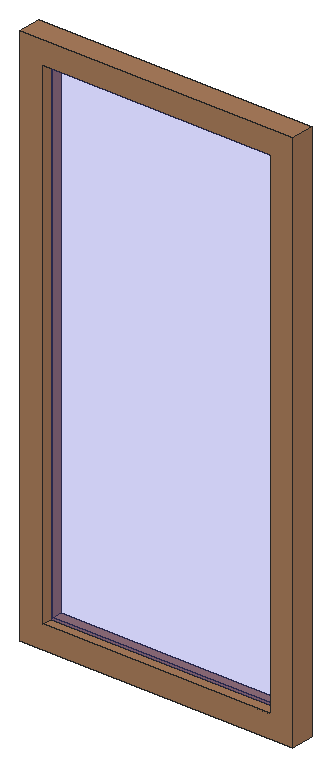
Revit family "PKNail Fixed", category Windows, host Wall, Revit 2017
Family settings
  Host = Wall
  OmniClass Number = 23.30.20.00
  OmniClass Title = Windows
  Always vertical = Yes
  Cut with Voids When Loaded = No
  Shared = No
  Room Calculation Point = No
Parameters (values of type "24" x 48"")
  PKNail Family Lateral Orientation = "None"
  PKNail Family Facing Orientation = "Facing"
  PKNail Family = "Fixed"
  Height = 4' - 0"
  Default Sill Height = 3' - 0"
  Wall Closure = By host
  Width = 2' - 0"
Reference planes (in)
  plane 1 "Center (Front/Back)": y = 0
  plane 2: z = 0
  plane 3 "Center (Left/Right)": x = 0
  plane 4 "Left": x = -12
  plane 5 "Right": x = 12
  plane 6 "Sill": z = 36
  plane 7 "Top": z = 84
  plane 8: y = 3
Forms (in)
  Extrusion 1, solid, material "Default"
    sketch origin (-60, 3, 0) x (-1, 0, 0) y (0, 0, 1)
      loop
        line (-72, 84) -> (-72, 36) -> (-48, 36) -> (-48, 84) -> (-72, 84)
      loop
        line (-70, 82) -> (-70, 38) -> (-50, 38) -> (-50, 82) -> (-70, 82)
    from 0 to -2
  Extrusion 2, void
    sketch origin (-60, 3, 0) x (1, 0, 0) y (0, 0, 1)
      loop
        line (70.5, 82.5) -> (49.5, 82.5) -> (49.5, 37.5) -> (70.5, 37.5) -> (70.5, 82.5)
    from 0.875 to 1.125
  Extrusion 3, solid, material "Glass"
    sketch origin (-60, 3, 0) x (-1, 0, 0) y (0, 0, 1)
      loop
        line (-70.5, 82.5) -> (-70.5, 37.5) -> (-49.5, 37.5) -> (-49.5, 82.5) -> (-70.5, 82.5)
    from -1.125 to -0.875
Cuts and joins
  Extrusion 2 cuts Extrusion 1
Lines and regions (in)
  Opening 1
    outline origin (-60, -3, 0) x (1, 0, 0) y (0, 0, 1)
      loop
        line (48, 84) -> (48, 36) -> (72, 36) -> (72, 84) -> (48, 84)
Text (in)
  text "EXTERIOR" at (-58.6888, 50.90694, 0), in view "Ref. Level"
  text "INTERIOR" at (-58.6888, -37.76638, 0), in view "Ref. Level"
  text "Exterior" at (0, 43.65631, 123.19604), in view "Left"
  text "Exterior" at (0, 18.29385, 125.04747), in view "Right"
Dimensions and locks (in)
  equal spacing: plane 4 "Left", plane 3 "Center (Left/Right)", plane 5 "Right"
  "Width": plane 4 "Left" to plane 5 "Right"
  "Height": plane 6 "Sill" to plane 7 "Top"
  "Default Sill Height": plane 2 to plane 6 "Sill"
  aligned and locked: plane 7 "Top" to Opening 1 sketch curve
  aligned and locked: plane 6 "Sill" to Opening 1 sketch curve  (x2)
  aligned and locked: plane 5 "Right" to Opening 1 sketch curve
  aligned and locked: plane 4 "Left" to Opening 1 sketch curve
  aligned and locked: host wall to Extrusion 1 sketch curve
  aligned and locked: Extrusion 1 sketch curve to host wall  (x3)
Automatic sketch dimensions
  plane 5 "Right" to Extrusion 1 sketch curve = 0' - 2"
  Extrusion 1 sketch curve to plane 4 "Left" = 0' - 2"
  Extrusion 1 sketch curve to plane 6 "Sill" = 0' - 2"
  plane 7 "Top" to Extrusion 1 sketch curve = 0' - 2"
  Extrusion 2 sketch curve to plane 4 "Left" = 0' - 1 1/2"
  plane 5 "Right" to Extrusion 2 sketch curve = 0' - 1 1/2"
  Extrusion 2 sketch curve to plane 6 "Sill" = 0' - 1 1/2"
  plane 7 "Top" to Extrusion 2 sketch curve = 0' - 1 1/2"
  plane 5 "Right" to Extrusion 3 sketch curve = 0' - 1 1/2"
  Extrusion 3 sketch curve to plane 4 "Left" = 0' - 1 1/2"
  Extrusion 3 sketch curve to plane 6 "Sill" = 0' - 1 1/2"
  plane 7 "Top" to Extrusion 3 sketch curve = 0' - 1 1/2"
